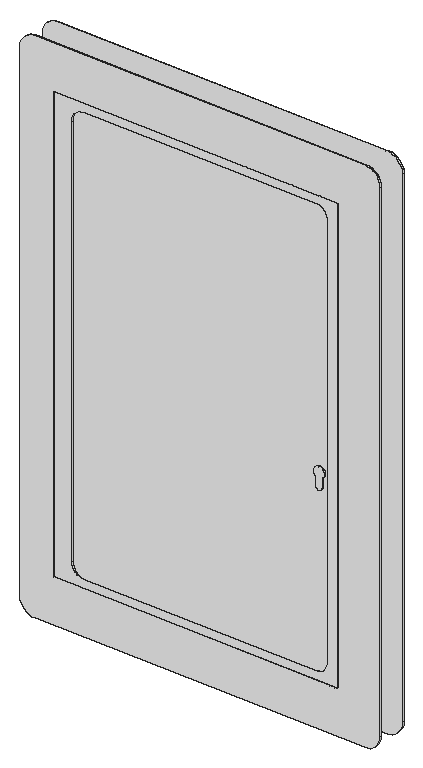
Revit family "KingswayGroup_HtchSstms_ClinicRoomHatch", category Generic Models, Revit 2020
Family settings
  Can host rebar = No
  Round Connector Dimension = Use Diameter
  Part Type = Normal
  Work Plane-Based = No
  Always vertical = No
  Cut with Voids When Loaded = No
  Shared = No
  Room Calculation Point = No
Parameters
  URL = "https://kingswaygroupglobal.com/"
  Model = ModelNumber  # "KG167"
  HatchMaterial = NBS_Concept
  WarrantyStartDate [instance] = "1900-12-31T23:59:59"
  WarrantyGuarantorParts = "sales@kingswaygroup.co.uk"
  WarrantyGuarantorLabor = "n/a"
  WarrantyDurationUnit = "year"  # constant formula
  WarrantyDurationParts = "5"  # constant formula
  WarrantyDurationLabor = "n/a"
  WarrantyDescription = "5-Year Guarantee *For faulty manufacture and not for damage"  # constant formula
  Version = "1"
  Uniclass2015Version = "Products v1.36"
  Uniclass2015Title = "Hatch systems"
  Uniclass2015Code = "Ss_25_30_20_35"
  TagNumber [instance] = "n/a"
  SustainabilityPerformance = "n/a"
  Size = "584 x 846 x 44 mm"
  Shape = "n/a"
  SerialNumber [instance] = "n/a"
  Revision = "n/a"
  ReplacementCost = "n/a"
  ProductInformation = "https://kingswaygroupglobal.com/product/clinic-room-hatch?noredirect=true"
  NominalWidth = 44 mm  # constant formula
  NominalLength = 584 mm  # constant formula
  NominalHeight = 846 mm  # constant formula
  Name = "HatchSystems_ClinicRoomHatch_KG167_KingswayGroup"
  ModelReference = "Clinic Room Hatch"
  ModelNumber = "KG167"
  PlateMaterial = NBS_Concept
  Material = "For full range of available material, contact Kingsway Group"
  ManufacturerURL = "https://kingswaygroupglobal.com/"
  ManufacturerName = "Kingsway Group"  # constant formula
  Manufacturer = ManufacturerName  # "Kingsway Group"
  InstallationDate [instance] = "1900-12-31T23:59:59"
  IfcExportType = "n/a"
  IfcExportAs = "n/a"
  Grade = "n/a"
  Finish = "For full range of available finishes and colours, contact Kingsway Group"
  Features = "A secure Clinic Room Hatch unit that is installed into doors to provide a secure medicine serving solution. Manufactured to allow small items such as medicine to be passed through without the need to open the entire door leaf. It is flush to the patient side with no visible fixings and can be fitted with a folding serving shelf to the staff side."
  ExpectedLife = "n/a"
  DurationUnit = "year"
  Description = "Clinic Room Hatch For a 44mm Door"
  Default Elevation = 0 mm
  Constituents = "n/a"
  Color = "For full range of available finishes and colours, contact Kingsway Group"
  CodePerformance = "n/a"
  Category = "Ss_25_30_20_35:Hatch systems"
  BarCode [instance] = "n/a"
  BIMObjectName = "KingswayGroup_HatchSystems_ClinicRoomHatch"
  Author = "Kingsway Group"  # constant formula
  AssetType = "Fixed"
  AssetIdentifier [instance] = "n/a"
  AccessibilityPerformance = "n/a"
Reference planes
  plane 1 "Center (Front/Back)": y = 0
  plane 2: z = 0
  plane 3 "Center (Left/Right)": x = 0
  plane 4: y = 2
  plane 5: y = 46
  plane 6: y = 48
Forms (mm)
  Extrusion 1, solid, material "NBS_Concept" <- "PlateMaterial"
    sketch origin (-4.63, 0, -7.469) x (1, 0, 0) y (0, 0, 1)
      loop
        line (271.629, 430.47) -> (-262.369, 430.47)
        arc (-262.369, 430.47) -> (-280.049, 423.147) -> (-287.372, 405.467) r 25.003
        line (-287.372, 405.467) -> (-287.372, -390.529)
        arc (-287.372, -390.529) -> (-280.049, -408.206) -> (-262.372, -415.529) r 25
        line (-262.372, -415.529) -> (271.629, -415.529)
        arc (271.629, -415.529) -> (289.306, -408.207) -> (296.628, -390.529) r 25
        line (296.628, -390.529) -> (296.628, 405.47)
        arc (296.628, 405.47) -> (289.306, 423.148) -> (271.629, 430.47) r 25
      loop
        line (213.63, 350.469) -> (-204.37, 350.469) -> (-204.37, -335.531) -> (213.63, -335.531) -> (213.63, 350.469)
    from -48 to -46
  Extrusion 2, solid, material "NBS_Concept" <- "PlateMaterial"
    sketch origin (-4.63, -46, -7.469) x (1, 0, 0) y (0, 0, 1)
      loop
        line (271.629, 430.47) -> (-262.369, 430.47)
        arc (-262.369, 430.47) -> (-280.049, 423.147) -> (-287.372, 405.467) r 25.003
        line (-287.372, 405.467) -> (-287.372, -390.529)
        arc (-287.372, -390.529) -> (-280.049, -408.206) -> (-262.372, -415.529) r 25
        line (-262.372, -415.529) -> (271.629, -415.529)
        arc (271.629, -415.529) -> (289.306, -408.207) -> (296.628, -390.529) r 25
        line (296.628, -390.529) -> (296.628, 405.47)
        arc (296.628, 405.47) -> (289.306, 423.148) -> (271.629, 430.47) r 25
      loop
        line (228.629, 360.47) -> (-232.372, 360.47) -> (-232.372, -345.529) -> (228.629, -345.529) -> (228.629, 360.47)
    from -48 to -46
  Extrusion 3, solid, material "NBS_Concept" <- "PlateMaterial"
    sketch origin (0, 0, -7.469) x (1, 0, 0) y (0, 0, 1)
      loop
        line (-236.002, 359.47) -> (-236.002, -344.529) -> (222.999, -344.529) -> (222.999, 359.47) -> (-236.002, 359.47)
      loop
        line (220.999, -342.529) -> (220.999, 357.47) -> (-234.002, 357.47) -> (-234.002, -342.529) -> (220.999, -342.529)
    from -46 to -2
  Extrusion 4, solid, material "NBS_Concept" <- "PlateMaterial"
    sketch origin (0, 0, -7.469) x (1, 0, 0) y (0, 0, 1)
      loop
        line (-237.002, 360.47) -> (-237.002, -345.529) -> (223.999, -345.529) -> (223.999, 360.47) -> (-237.002, 360.47)
      loop
        line (225.999, 362.47) -> (-239.002, 362.47) -> (-239.002, -347.529) -> (225.999, -347.529) -> (225.999, 362.47)
    from -46 to -2
  Extrusion 5, solid, material "NBS_Concept" <- "PlateMaterial"
    sketch origin (0, 0, -7.469) x (1, 0, 0) y (0, 0, 1)
      loop
        line (-236.002, 359.47) -> (-236.002, -344.529) -> (222.999, -344.529) -> (222.999, 359.47) -> (-236.002, 359.47)
      loop
        line (207.999, -312.532) -> (207.999, 327.47)
        arc (207.999, 327.47) -> (202.141, 341.613) -> (187.998, 347.47) r 20
        line (187.998, 347.47) -> (-187.998, 347.47)
        arc (-187.998, 347.47) -> (-202.143, 341.612) -> (-208.002, 327.467) r 20.003
        line (-208.002, 327.467) -> (-208.002, -312.528)
        arc (-208.002, -312.528) -> (-202.144, -326.671) -> (-188.001, -332.529) r 20.001
        line (-188.001, -332.529) -> (188.001, -332.529)
        arc (188.001, -332.529) -> (202.141, -326.672) -> (207.999, -312.532) r 19.997
    from -2 to 0
  Extrusion 6, solid, material "NBS_Concept" <- "HatchMaterial"
    sketch origin (0, 0, -7.469) x (1, 0, 0) y (0, 0, 1)
      loop
        line (-234.002, 357.47) -> (-234.002, -342.529) -> (220.999, -342.529) -> (220.999, 357.47) -> (-234.002, 357.47)
    from -46 to -2
  Extrusion 7, solid, material "NBS_Concept" <- "PlateMaterial"
    sketch origin (0, 0, -7.469) x (1, 0, 0) y (0, 0, 1)
      loop
        arc (199.498, -48.48) -> (194.248, -32.73) -> (188.998, -48.48) r 8.75
        line (188.998, -48.48) -> (188.998, -61.481)
        arc (188.998, -61.481) -> (194.248, -66.731) -> (199.498, -61.481) r 5.25
        line (199.498, -61.481) -> (199.498, -48.48)
    from 0 to 1.133
Dimensions and locks
  aligned and locked: level to plane 2
  aligned and locked: Extrusion 4 to Extrusion 1
  aligned and locked: Extrusion 4 to plane 4
